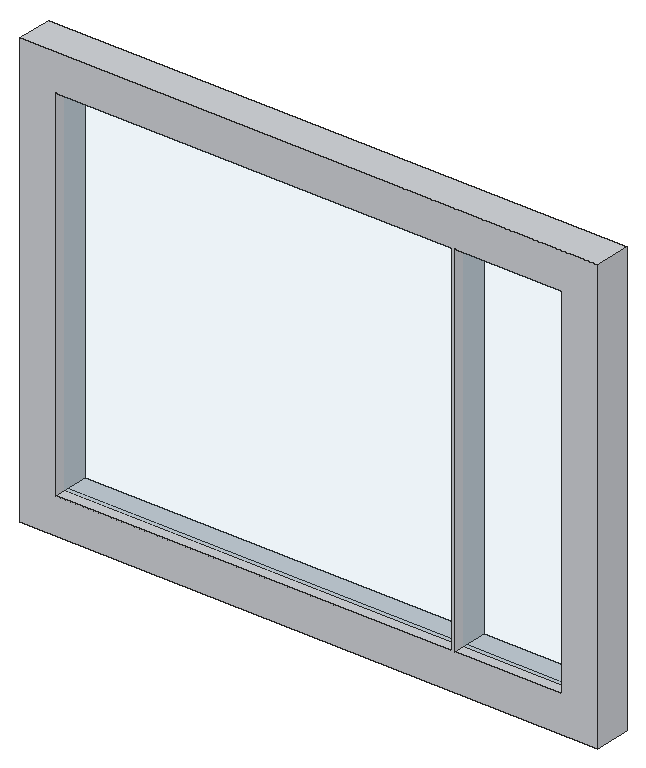
Revit family "PHLS Window - 1 Mullion", category Windows, host Wall, Revit 2018
Family settings
  Host = Wall
  OmniClass Number = 23.30.20.00
  OmniClass Title = Windows
  Always vertical = Yes
  Cut with Voids When Loaded = No
  Shared = No
  Room Calculation Point = No
Parameters
  dOver Base Point [instance] = if(and(Operable Sash Left, Operable Sash Right), Top Frame Width Operable Constraint, if(and(Operable Sash Left, No Operable Sash Right), (Top Frame Width Constraint + Top Frame Width Operable Constraint) / 2, if(and(No Operable Sash Left, Operable Sash Right), (Top Frame Width Constraint + Top Frame Width Operable Constraint) / 2, Top Frame Width Constraint)))  # 125 mm
  hHori Base Point [instance] = if(and(Operable Sash Left, Operable Sash Right), Bottom Frame Width Operable Constraint, if(and(Operable Sash Left, No Operable Sash Right), (Bottom Frame Width Constraint + Bottom Frame Width Operable Constraint) / 2, if(and(No Operable Sash Left, Operable Sash Right), (Bottom Frame Width Constraint + Bottom Frame Width Operable Constraint) / 2, Bottom Frame Width Constraint)))  # 125 mm
  dReveal Position Right Side [instance] = if(Operable Sash Right, Right Frame Width Operable Constraint, Right Frame Width Constraint)  # 125 mm
  dReveal Position Left Side [instance] = if(Operable Sash Left, Left Frame Width Operable Constraint, Left Frame Width Constraint)  # 125 mm
  Transom t2 Width [instance] = 0 mm
  Transom t1 Width [instance] = 0 mm
  Transom t Width [instance] = 0 mm
  Top Frame Width Validated [instance] = if(Top Frame Width < 10 mm, 10 mm, Top Frame Width)  # 125 mm
  Top Frame Width Sash Validated [instance] = if(Top Frame Width Sash < 5 mm, 5 mm, Top Frame Width Sash)  # 85 mm
  Top Frame Width Sash [instance] = 85 mm
  Top Frame Width Operable Validated [instance] = if(Top Frame Width Operable < 10 mm, 10 mm, Top Frame Width Operable)  # 200 mm
  Top Frame Width Operable Constraint [instance] = Top Frame Width Operable Validated  # 200 mm
  Top Frame Width Operable [instance] = 200 mm
  Top Frame Width Constraint Right [instance] = if(Operable Sash Right, Top Frame Width Operable Constraint - Right Top Sash Width Constraint, Top Frame Width Validated)  # 125 mm
  Top Frame Width Constraint Left [instance] = if(Operable Sash Left, Top Frame Width Operable Constraint - Left Top Sash Width Constraint, Top Frame Width Validated)  # 125 mm
  Top Frame Width [instance] = 125 mm
  Threshold Width [instance] = 0 mm
  Sash to Mullion Constraint [instance] = if(or(not(Mullion 1 Width Constraint > 0 mm), Flying Mullion Constraint), 0 mm, Mullion 1 Width Constraint / 2)  # 5 mm
  Sash Frame Width Operable Constraint Adjacent Mullion [instance] = if(Flying Mullion Constraint, if(not(Mullion fm Width > 0 mm), 10 mm, Mullion fm Width / 2), if(and(Operable Sash Left, Operable Sash Right), if(not(Mullion m2 Width > 0 mm), 10 mm, Mullion m2 Width / 3), if(or(and(Operable Sash Left, No Operable Sash Right), and(No Operable Sash Left, Operable Sash Right)), if(not(Mullion m1 Width > 0 mm), 10 mm, Mullion m1 Width / 2), 10 mm)))  # 10 mm
  Sash Depth [instance] = 100 mm
  Right Top Sash Width Constraint [instance] = if(No Operable Sash Right, (if(not(Top Frame Width Validated < Top Frame Width Operable Validated), 5 mm, Top Frame Width Operable Validated - Top Frame Width Validated)), (if(not(Top Frame Width Sash Validated < Top Frame Width Operable Validated), 5 mm, Top Frame Width Sash Validated)))  # 75 mm
  Right Sash Opening Symbol - Top Slide [instance] = no
  Right Sash Opening Symbol - Top Hung [instance] = no
  Right Sash Opening Symbol - Right Slide [instance] = no
  Right Sash Opening Symbol - Right Hung [instance] = no
  Right Sash Opening Symbol - Left Slide [instance] = no
  Right Sash Opening Symbol - Left Hung [instance] = no
  Right Sash Opening Symbol - Bottom Slide [instance] = no
  Right Sash Opening Symbol - Bottom Hung [instance] = no
  Right Frame Width Validated [instance] = if(Right Frame Width < 10 mm, 10 mm, Right Frame Width)  # 125 mm
  Right Frame Width Sash Validated [instance] = if(Right Frame Width Sash < 5 mm, 5 mm, Right Frame Width Sash)  # 85 mm
  Right Sash Width Constraint [instance] = if(not(Right Frame Width Sash Validated < Right Frame Width Operable Validated), 5 mm, Right Frame Width Sash Validated)  # 85 mm
  Right Frame Width Sash [instance] = 85 mm
  Right Frame Width Operable Validated [instance] = if(Right Frame Width Operable < 10 mm, 10 mm, Right Frame Width Operable)  # 200 mm
  Right Frame Width Operable Constraint [instance] = Right Frame Width Operable Validated  # 200 mm
  Right Frame Width Operable [instance] = 200 mm
  Right Frame Width [instance] = 125 mm
  Right Bottom Sash Width Constraint [instance] = if(No Operable Sash Right, (if(not(Bottom Frame Width Validated < Bottom Frame Width Operable Validated), 5 mm, Bottom Frame Width Operable Validated - Bottom Frame Width Validated)), (if(not(Bottom Frame Width Sash Validated < Bottom Frame Width Operable Validated), 5 mm, Bottom Frame Width Sash Validated)))  # 75 mm
  PHPP oReveal Right Side [instance] = 250 mm
  PHPP oReveal Left Side [instance] = 500 mm
  PHPP dReveal Right Side [instance] = 250 mm
  PHPP dReveal Left Side [instance] = 500 mm
  PHPP Window reveal depth [instance] = ((PHPP oReveal Left Side) + (PHPP oReveal Right Side)) / 2  # 375 mm
  PHPP Threshold [instance] = 0 mm
  PHPP Regulated / transparent [instance] = no
  PHPP Reduction factor z for temporary sun protection [instance] = ""
  PHPP Overhang depth [instance] = 1000 mm
  PHPP Mullion length m2 [instance] = if(and(Operable Sash Left, Operable Sash Right, not(Flying Mullion)), Height, 0 mm)  # 0 mm
  PHPP Mullion length m1 [instance] = if(or(and(No Operable Sash Left, Operable Sash Right), and(Operable Sash Left, No Operable Sash Right)), Height, 0 mm)  # 0 mm
  PHPP Mullion length m [instance] = if(and(No Operable Sash Left, No Operable Sash Right), Height, 0 mm)  # 1500 mm
  PHPP Mullion length fm [instance] = if(and(Operable Sash Left, Operable Sash Right, Flying Mullion), Height, 0 mm)  # 0 mm
  PHPP Installation situation top [instance] = "1"
  PHPP Installation situation right [instance] = "1"
  PHPP Installation situation left [instance] = "1"
  PHPP Installation situation bottom [instance] = "1"
  Top Frame Width Constraint [instance] = if(Flying Mullion, (Top Frame Width Operable Validated - Top Frame Width Sash Validated), Top Frame Width Validated)  # 125 mm
  Sash Setback [instance] = 100 mm
  Sash Depth Validated [instance] = if(Sash Depth < 10 mm, 10 mm, Sash Depth)  # 100 mm
  Right Frame Width Constraint [instance] = if(Operable Sash Right, Right Frame Width Operable Constraint - Right Sash Width Constraint, Right Frame Width Validated)  # 125 mm
  PHPP Horizontal distance [instance] = 2000 mm
  PHPP Height of shading object [instance] = 2000 mm
  PHPP Glazing [instance] = ""
  PHPP Frame [instance] = ""
  PHPP Fixed glazing length of outer frame Top [instance] = if(No Sashes, Width, if(and(Operable Sash Right, No Operable Sash Left), Width - Mullion 1 Offset From Right Side Constraint, if(and(Operable Sash Left, No Operable Sash Right), Mullion 1 Offset From Right Side Constraint, 0 mm)))  # 2000 mm
  PHPP Fixed glazing length of outer frame Right [instance] = if(Operable Sash Right, 0 mm, Height)  # 1500 mm
  PHPP Fixed glazing length of outer frame Left [instance] = if(Operable Sash Left, 0 mm, Height)  # 1500 mm
  PHPP Fixed glazing length of outer frame Bottom [instance] = if(not(PHPP Threshold > 0 mm), if(No Sashes, Width, if(and(Operable Sash Right, No Operable Sash Left), Width - Mullion 1 Offset From Right Side Constraint, if(and(Operable Sash Left, No Operable Sash Right), Mullion 1 Offset From Right Side Constraint, 0 mm))), if(PHPP Threshold > 0 mm, if(No Sashes, Width - PHPP Threshold, if(and(Operable Sash Right, No Operable Sash Left), (Width - Mullion 1 Offset From Right Side Constraint) - (PHPP Threshold - Mullion 1 Offset From Right Side Constraint), if(and(Operable Sash Left, No Operable Sash Right), (Mullion 1 Offset From Right Side Constraint) - (PHPP Threshold - Mullion 1 Offset From Right Side Constraint), 0 mm))), 0 mm))  # 2000 mm
  PHPP Distance glazing to reveal [instance] = ((PHPP dReveal Left Side) + (PHPP dReveal Right Side)) / 2  # 375 mm
  PHPP Distance glazing to overhang [instance] = 1000 mm
  PHPP Description [instance] = ""
  PHPP Comfort exemption [instance] = no
  PHPP Additional reduction factor winter shading [instance] = ""
  PHPP Additional reduction factor summer shading [instance] = ""
  PHLS Familiy Object Version = "1.1 - February 2024"
  Operable Sash Right [instance] = no
  Operable Sash Left [instance] = no
  No Sashes [instance] = if(and(No Operable Sash Right, No Operable Sash Left), 2 > 1, 2 < 1)  # yes
  No Operable Sash Right [instance] = not(Operable Sash Right)  # yes
  No Operable Sash Left [instance] = not(Operable Sash Left)  # yes
  No Flying Mullion [instance] = if(and(Flying Mullion, Operable Sash Left, Operable Sash Right), 1 > 2, 1 < 2)  # yes
  Mullion m2 Width [instance] = 0 mm
  Mullion m1 Width [instance] = 0 mm
  Mullion m Width [instance] = 0 mm
  Mullion fm Width [instance] = 0 mm
  Mullion 1 Width Constraint [instance] = if(Flying Mullion Constraint, if(not(Mullion fm Width > 0 mm), 10 mm, Mullion fm Width), if(and(Operable Sash Left, Operable Sash Right), if(not(Mullion m2 Width > 0 mm), 10 mm, Mullion m2 Width / 3), if(or(and(Operable Sash Left, No Operable Sash Right), and(No Operable Sash Left, Operable Sash Right)), if(not(Mullion m1 Width > 0 mm), 10 mm, Mullion m1 Width / 2), if(No Sashes, if(not(Mullion m Width > 0 mm), 10 mm, Mullion m Width), 10 mm))))  # 10 mm
  Mullion 1 Offset From Right Side Constraint [instance] = if(or(not(Mullion 1 Offset From Right Side > 0 mm), Mullion 1 Offset From Right Side > Width - Left Frame Width), Width / 2, Mullion 1 Offset From Right Side)  # 500 mm
  Mullion 1 Offset From Right Side [instance] = 500 mm
  Left Top Sash Width Constraint [instance] = if(No Operable Sash Left, (if(not(Top Frame Width Validated < Top Frame Width Operable Validated), 5 mm, Top Frame Width Operable Validated - Top Frame Width Validated)), (if(not(Top Frame Width Sash Validated < Top Frame Width Operable Validated), 5 mm, Top Frame Width Sash Validated)))  # 75 mm
  Left Bottom Sash Width Constraint [instance] = if(No Operable Sash Left, (if(not(Bottom Frame Width Validated < Bottom Frame Width Operable Validated), 5 mm, Bottom Frame Width Operable Validated - Bottom Frame Width Validated)), (if(not(Bottom Frame Width Sash Validated < Bottom Frame Width Operable Validated), 5 mm, Bottom Frame Width Sash Validated)))  # 75 mm
  Left Sash Opening Symbol - Top Slide [instance] = no
  Left Sash Opening Symbol - Top Hung [instance] = no
  Left Sash Opening Symbol - Right Slide [instance] = no
  Left Sash Opening Symbol - Right Hung [instance] = no
  Left Sash Opening Symbol - Left Slide [instance] = no
  Left Sash Opening Symbol - Left Hung [instance] = no
  Left Sash Opening Symbol - Bottom Slide [instance] = no
  Left Sash Opening Symbol - Bottom Hung [instance] = no
  Left Frame Width Validated [instance] = if(Left Frame Width < 10 mm, 10 mm, Left Frame Width)  # 125 mm
  Left Frame Width Sash Validated [instance] = if(Left Frame Width Sash < 5 mm, 5 mm, Left Frame Width Sash)  # 85 mm
  Left Sash Width Constraint [instance] = if(not(Left Frame Width Sash Validated < Left Frame Width Operable Validated), 5 mm, Left Frame Width Sash Validated)  # 85 mm
  Left Frame Width Sash [instance] = 85 mm
  Left Frame Width Operable Validated [instance] = if(Left Frame Width Operable < 10 mm, 10 mm, Left Frame Width Operable)  # 200 mm
  Left Frame Width Operable Constraint [instance] = Left Frame Width Operable Validated  # 200 mm
  Left Frame Width Operable [instance] = 200 mm
  Left Frame Width Constraint [instance] = if(Operable Sash Left, Left Frame Width Operable Constraint - Left Sash Width Constraint, Left Frame Width Validated)  # 125 mm
  Left Frame Width [instance] = 125 mm
  Height [instance] = 1500 mm
  Glass Thickness [instance] = 14.974 mm
  Glass Setback Constraint [instance] = if(or(No Operable Sash Left, No Operable Sash Right), Glass Setback Case No Sashes, Glass Setback Case Sashes)  # 125 mm
  Glass Setback Case Sashes [instance] = if(and(or(Operable Sash Left, Operable Sash Right), Glass Setback < Sash Setback), Sash Setback, if(and(or(Operable Sash Left, Operable Sash Right), Glass Setback > Sash Setback + Sash Depth Validated), Sash Setback + Sash Depth Validated - Glass Thickness, Glass Setback))  # 125 mm
  Glass Setback Case No Sashes [instance] = if(and(or(No Operable Sash Left, No Operable Sash Right), Glass Setback < Frame Setback), Frame Setback, if(and(or(No Operable Sash Left, No Operable Sash Right), Glass Setback > Frame Setback + Frame Depth), Frame Setback + Frame Depth - Glass Thickness, Glass Setback))  # 125 mm
  Glass Setback [instance] = 125 mm
  Glass Material [instance] = Glass
  Frame Setback [instance] = 50 mm
  Frame Material [instance] = none
  Frame Depth [instance] = 125 mm
  Flying Mullion Constraint [instance] = if(and(Flying Mullion, Operable Sash Left, Operable Sash Right), 2 > 1, 2 < 1)  # no
  Flying Mullion [instance] = no
  Default Sill Height = 800 mm
  Wall Closure = By host
  Width [instance] = 2000 mm
  Bottom Frame Width Validated [instance] = if(Bottom Frame Width < 10 mm, 10 mm, Bottom Frame Width)  # 125 mm
  Bottom Frame Width Sash Validated [instance] = if(Bottom Frame Width Sash < 5 mm, 5 mm, Bottom Frame Width Sash)  # 85 mm
  Bottom Frame Width Sash [instance] = 85 mm
  Bottom Frame Width Operable Validated [instance] = if(Bottom Frame Width Operable < 10 mm, 10 mm, Bottom Frame Width Operable)  # 200 mm
  Bottom Frame Width Operable Constraint [instance] = Bottom Frame Width Operable Validated  # 200 mm
  Bottom Frame Width Operable [instance] = 200 mm
  Bottom Frame Width Constraint Right [instance] = if(Operable Sash Right, Bottom Frame Width Operable Constraint - Right Bottom Sash Width Constraint, Bottom Frame Width Validated)  # 125 mm
  Bottom Frame Width Constraint Left [instance] = if(Operable Sash Left, Bottom Frame Width Operable Constraint - Left Bottom Sash Width Constraint, Bottom Frame Width Validated)  # 125 mm
  Bottom Frame Width Constraint [instance] = if(Flying Mullion, (Bottom Frame Width Operable Validated - Bottom Frame Width Sash Validated), Bottom Frame Width Validated)  # 125 mm
  Shading Guides and Labels Visible [instance] = yes
  Bottom Frame Width [instance] = 125 mm
  Analytic Construction = "<None>"
Reference planes
  plane 1 "Center (Front/Back)": y = 0
  plane 2 "Center (Left/Right)": x = 0
  plane 3 "Left": x = -1000
  plane 4 "Right": x = 1000
  plane 5 "Sill": z = 800
  plane 6 "Head": z = 2300
  plane 7 "Exterior": y = 100
  plane 8 "Interior": y = -100
  plane 9 "Left Frame Width Fixed": x = -875
  plane 10 "Right Fixed Frame Overall": x = 875
  plane 11 "Top Frame Width Fixed": z = 2175
  plane 12 "Bottom Frame Width Fixed": z = 925
  plane 13 "Frame Setback": y = 50
  plane 14 "Frame Depth": y = -75
  plane 15 "Glass Setback": y = -25
  plane 16 "Left Frame Width Operable": x = -800
  plane 17 "Right Frame Width Operable": x = 800
  plane 18 "Top Frame Width Operable": z = 2100
  plane 19 "Bottom Frame Width Operable": z = 1000
  plane 20 "Sash Setback": y = 0
  plane 21 "Sash Depth": y = -100
  plane 22 "Glass Thickness": y = -39.974
  plane 23 "Height of Horizontal Shading": z = 2925
  plane 24 "Distance to Horizontal Shading": y = 1975
  plane 25 "Right Frame to Wall Opening": x = 1000
  plane 26 "Left Frame to Wall Opening": x = -1000
  plane 27 "Top Frame to Wall Opening": z = 2300
  plane 28 "Bottom Frame to Wall Opening": z = 800
  plane 29 "oReveal Left": y = 475
  plane 30 "oReveal Right": y = 225
  plane 31 "dReveal Left": x = -1375
  plane 32 "dReveal Right": x = 1125
  plane 33 "Distance to Overhang": y = 975
  plane 34 "Height of Overhang": z = 3175
  plane 35 "Center (Top/Bottom)": z = 1550
  plane 36 "Mullion 1 Centerline": x = 500
  plane 37 "Mullion 1 Width Left Side": x = 495
  plane 38 "Mullion 1 Width Right Side": x = 505
  plane 39 "Right Sash Left Frame Operable": x = 515
  plane 40 "Left Sash Right Frame Operable": x = 485
  plane 41 "Right Sash to Mullion": x = 505
  plane 42 "Left Sash to Mullion": x = 495
  plane 43 "Right Sash Centerline": x = 690
  plane 44 "Left Sash Centerline": x = -190
  plane 45 "Sash Setback Right": x = 885
  plane 46 "Sash Setback Left": x = -885
  plane 47 "Left Top Sash Width Constraint": z = 2175
  plane 48 "Right Top Sash Width Constraint": z = 2175
  plane 49 "Left Bottom Sash Width Constraint": z = 925
  plane 50 "Right Bottom Sash Width Constraint": z = 925
  plane 51 "Right Frame Width Fixed": x = 875
  plane 52 "Bottom Frame Width Fixed Left": z = 925
  plane 53 "Bottom Frame Width Fixed Right": z = 925
  plane 54 "Top Frame Width Fixed Right": z = 2175
  plane 55 "Top Frame Width Fixed Left": z = 2175
  plane 56 "dReveal Left Side": x = -875
  plane 57 "dReveal Right Side": x = 875
  plane 58 "hHori Base Point": z = 925
  plane 59 "dOver Base Point": z = 2175
Forms (mm)
  Extrusion 1, solid, material <- "Frame Material", visible <- "No Flying Mullion"
    sketch origin (0, 0, 0) x (1, 0, 0) y (0, 1, 0)
      loop
        line (-1000, 50) -> (-1000, -75) -> (-875, -75) -> (-875, 50) -> (-1000, 50)
    from 800 to 2300
  Extrusion 2, solid, material <- "Frame Material", visible <- "No Flying Mullion"
    sketch origin (240, 0, 0) x (1, 0, 0) y (0, 1, 0)
      loop
        line (635, 50) -> (635, -75) -> (760, -75) -> (760, 50) -> (635, 50)
    from 800 to 2300
  Extrusion 3, solid, material <- "Frame Material", visible <- "No Flying Mullion"
    sketch origin (-1000, 0, 0) x (0, -1, 0) y (0, 0, 1)
      loop
        line (-50, 2300) -> (-50, 2175) -> (75, 2175) -> (75, 2300) -> (-50, 2300)
    from -2000 to -1505
  Extrusion 4, solid, material <- "Frame Material", visible <- "No Flying Mullion"
    sketch origin (-1000, 0, 0) x (0, -1, 0) y (0, 0, 1)
      loop
        line (-50, 925) -> (-50, 800) -> (75, 800) -> (75, 925) -> (-50, 925)
    from -2000 to -1505
  Extrusion 5, solid, material <- "Frame Material", visible <- "Operable Sash Right"
    sketch origin (-1000, 0, 0) x (0, -1, 0) y (0, 0, 1)
      loop
        line (0, 2100) -> (100, 2100) -> (100, 2175) -> (0, 2175) -> (0, 2100)
    from -1885 to -1505
  Extrusion 6, solid, material <- "Frame Material", visible <- "Operable Sash Right"
    sketch origin (-1000, 0, -1160) x (0, -1, 0) y (0, 0, 1)
      loop
        line (0, 2085) -> (100, 2085) -> (100, 2160) -> (0, 2160) -> (0, 2085)
    from -1885 to -1505
  Extrusion 7, solid, material "Glass" <- "Glass Material", visible <- "No Operable Sash Right"
    sketch origin (0, 100, 0) x (1, 0, 0) y (0, 0, 1)
      loop
        line (875, 2175) -> (505, 2175) -> (505, 925) -> (875, 925) -> (875, 2175)
    from 125 to 139.974
  Extrusion 8, solid, material <- "Frame Material", visible <- "Operable Sash Left"
    sketch origin (0, 0, 0) x (1, 0, 0) y (0, 1, 0)
      loop
        line (-885, 0) -> (-885, -100) -> (-800, -100) -> (-800, 0) -> (-885, 0)
    from 925 to 2175
  Extrusion 9, solid, material <- "Frame Material", visible <- "Operable Sash Right"
    sketch origin (240, 0, 0) x (1, 0, 0) y (0, 1, 0)
      loop
        line (560, 0) -> (560, -100) -> (645, -100) -> (645, 0) -> (560, 0)
    from 925 to 2175
  Extrusion 10, solid, material <- "Frame Material", visible <- "Operable Sash Left"
    sketch origin (-1000, 0, 0) x (0, -1, 0) y (0, 0, 1)
      loop
        line (0, 2175) -> (0, 2100) -> (100, 2100) -> (100, 2175) -> (0, 2175)
    from -1495 to -115
  Extrusion 11, solid, material <- "Frame Material", visible <- "Operable Sash Left"
    sketch origin (-1000, 0, 0) x (0, -1, 0) y (0, 0, 1)
      loop
        line (0, 1000) -> (0, 925) -> (100, 925) -> (100, 1000) -> (0, 1000)
    from -1495 to -115
  Extrusion 12, solid, material <- "Frame Material", visible <- "Operable Sash Right"
    sketch origin (1560, 0, 0) x (1, 0, 0) y (0, 1, 0)
      loop
        line (-1045, 0) -> (-1055, 0) -> (-1055, -100) -> (-1045, -100) -> (-1045, 0)
    from 925 to 2175
  Extrusion 13, solid, material "Glass" <- "Glass Material", visible <- "No Operable Sash Left"
    sketch origin (0, 100, 0) x (1, 0, 0) y (0, 0, 1)
      loop
        line (495, 2175) -> (-875, 2175) -> (-875, 925) -> (495, 925) -> (495, 2175)
    from 125 to 139.974
  Extrusion 14, solid, material <- "Frame Material", visible <- "No Flying Mullion"
    sketch origin (-560, 0, 0) x (1, 0, 0) y (0, 1, 0)
      loop
        line (1055, 50) -> (1055, -75) -> (1065, -75) -> (1065, 50) -> (1055, 50)
    from 800 to 2300
  Extrusion 15, solid, material "Glass" <- "Glass Material", visible <- "Operable Sash Left"
    sketch origin (0, 100, 0) x (1, 0, 0) y (0, 0, 1)
      loop
        line (485, 2100) -> (-800, 2100) -> (-800, 1000) -> (485, 1000) -> (485, 2100)
    from 125 to 139.974
  Extrusion 16, solid, material <- "Frame Material", visible <- "Operable Sash Left"
    sketch origin (240, 0, 0) x (1, 0, 0) y (0, 1, 0)
      loop
        line (255, 0) -> (245, 0) -> (245, -100) -> (255, -100) -> (255, 0)
    from 925 to 2175
  Extrusion 17, solid, material "Glass" <- "Glass Material", visible <- "Operable Sash Right"
    sketch origin (0, 100, 0) x (1, 0, 0) y (0, 0, 1)
      loop
        line (800, 2100) -> (515, 2100) -> (515, 1000) -> (800, 1000) -> (800, 2100)
    from 125 to 139.974
  Extrusion 18, solid, material <- "Frame Material", visible <- "Flying Mullion Constraint"
    sketch origin (0, 0, 0) x (1, 0, 0) y (0, 1, 0)
      loop
        line (-1000, 50) -> (-1000, -75) -> (-875, -75) -> (-875, 50) -> (-1000, 50)
    from 800 to 2300
  Extrusion 19, solid, material <- "Frame Material", visible <- "Flying Mullion Constraint"
    sketch origin (240, 0, 0) x (1, 0, 0) y (0, 1, 0)
      loop
        line (635, 50) -> (635, -75) -> (760, -75) -> (760, 50) -> (635, 50)
    from 800 to 2300
  Extrusion 20, solid, material <- "Frame Material", visible <- "Flying Mullion Constraint"
    sketch origin (-1000, 0, 0) x (0, -1, 0) y (0, 0, 1)
      loop
        line (-50, 2300) -> (-50, 2175) -> (75, 2175) -> (75, 2300) -> (-50, 2300)
    from -2000 to 0
  Extrusion 21, solid, material <- "Frame Material", visible <- "Flying Mullion Constraint"
    sketch origin (-1000, 0, 0) x (0, -1, 0) y (0, 0, 1)
      loop
        line (-50, 925) -> (-50, 800) -> (75, 800) -> (75, 925) -> (-50, 925)
    from -2000 to 0
  Extrusion 22, solid, material <- "Frame Material", visible <- "No Flying Mullion"
    sketch origin (1000, 0, 0) x (0, -1, 0) y (0, 0, -1)
      loop
        line (-50, -2300) -> (75, -2300) -> (75, -2175) -> (-50, -2175) -> (-50, -2300)
    from -2000 to -505
  Extrusion 23, solid, material <- "Frame Material", visible <- "No Flying Mullion"
    sketch origin (1000, 0, 0) x (0, -1, 0) y (0, 0, -1)
      loop
        line (-50, -925) -> (75, -925) -> (75, -800) -> (-50, -800) -> (-50, -925)
    from -2000 to -505
Cuts and joins
  joined: Extrusion 1, Extrusion 2, Extrusion 3, Extrusion 4, Extrusion 14, Extrusion 22, Extrusion 23
  joined: Extrusion 8, Extrusion 10, Extrusion 11, Extrusion 16
  joined: Extrusion 5, Extrusion 6, Extrusion 9, Extrusion 12
  joined: Extrusion 18, Extrusion 19, Extrusion 20, Extrusion 21
Lines and regions (mm)
  Opening 1
    outline origin (3500, -100, 0) x (1, 0, 0) y (0, 0, 1)
      loop
        line (-2500, 800) -> (-2500, 2300) -> (-4500, 2300) -> (-4500, 800) -> (-2500, 800)
  symbolic lines, style "WindowsHiddenLines", visible <- "Shading Guides and Labels Visible"
    curve 1: line (-1000, 1975, 0) -> (1000, 1975, 0)
    curve 2: line (1000, 100, 2925) -> (-1000, 100, 2925)
    curve 3: line (-1000, 2475, 2925) -> (-1000, 1875, 2925)
    curve 4: line (-1000, 1975, 925) -> (-1000, 1975, 3025)
    curve 5: line (-1875, 475, 0) -> (-1275, 475, 0)
    curve 6: line (1625, 225, 0) -> (1025, 225, 0)
    curve 7: line (-1375, -25, 0) -> (-1375, 575, 0)
    curve 8: line (1125, -25, 0) -> (1125, 325, 0)
    curve 9: line (-1000, 1075, 3175) -> (-1000, -25, 3175)
    curve 10: line (-1000, 975, 3075) -> (-1000, 975, 3675)
    curve 11: line (-1000, 975, 0) -> (1000, 975, 0)
    curve 12: line (1000, 100, 3175) -> (-1000, 100, 3175)
    curve 13: line (1125, 100, 925) -> (1125, 100, 2175)
    curve 14: line (-1375, 100, 2175) -> (-1375, 100, 925)
    curve 15: line (-1000, 475, 925) -> (-1000, 475, 2175)
    curve 16: line (-1000, 225, 925) -> (-1000, 225, 2175)
  symbolic lines, style "WindowsHiddenLines", visible <- "Left Sash Opening Symbol - Left Hung"
    curve 17: line (495, 100, 2175) -> (-875, 100, 1550)
    curve 18: line (495, 100, 925) -> (-875, 100, 1550)
  symbolic lines, style "WindowsHiddenLines", visible <- "Left Sash Opening Symbol - Right Hung"
    curve 19: line (-875, 100, 2175) -> (495, 100, 1550)
    curve 20: line (-875, 100, 925) -> (495, 100, 1550)
  symbolic lines, style "WindowsHiddenLines", visible <- "Left Sash Opening Symbol - Top Hung"
    curve 21: line (495, 100, 2175) -> (-190, 100, 925)
    curve 22: line (-190, 100, 925) -> (-875, 100, 2175)
  symbolic lines, style "WindowsHiddenLines", visible <- "Left Sash Opening Symbol - Bottom Hung"
    curve 23: line (495, 100, 925) -> (-190, 100, 2175)
    curve 24: line (-190, 100, 2175) -> (-875, 100, 925)
  symbolic lines, style "WindowsHiddenLines", visible <- "Right Sash Opening Symbol - Top Hung"
    curve 25: line (875, 100, 2175) -> (690, 100, 925)
    curve 26: line (690, 100, 925) -> (505, 100, 2175)
  symbolic lines, style "WindowsHiddenLines", visible <- "Right Sash Opening Symbol - Bottom Hung"
    curve 27: line (875, 100, 925) -> (690, 100, 2175)
    curve 28: line (690, 100, 2175) -> (505, 100, 925)
  symbolic lines, style "WindowsHiddenLines", visible <- "Right Sash Opening Symbol - Left Hung"
    curve 29: line (875, 100, 2175) -> (505, 100, 1550)
    curve 30: line (505, 100, 1550) -> (875, 100, 925)
  symbolic lines, style "WindowsHiddenLines", visible <- "Right Sash Opening Symbol - Right Hung"
    curve 31: line (505, 100, 2175) -> (875, 100, 1550)
    curve 32: line (875, 100, 1550) -> (505, 100, 925)
  symbolic lines, style "WindowsFrameMullionProjection", visible <- "Operable Sash Left"
    curve 33: line (-800, -100, 0) -> (-800, 0, 0)
    curve 35: line (485, -100, 0) -> (485, 0, 0)
  symbolic lines, style "WindowsFrameMullionProjection", visible <- "Operable Sash Right"
    curve 34: line (800, -100, 0) -> (800, 0, 0)
    curve 36: line (515, -100, 0) -> (515, 0, 0)
Text (mm)
  text "EXTERIOR" at (-1963.203, 1332.353, 0), in view "Ref. Level"
  text "INTERIOR" at (-1981.466, -818.386, 0), in view "Ref. Level"
  text "Exterior" at (0, 923.751, 2943.296), in view "Right"
  text "Exterior" at (0, 1040.484, 2685.409), in view "Left"
Dimensions and locks
  equal spacing: plane 3 "Left", plane 2 "Center (Left/Right)", plane 4 "Right"
  "Width": plane 3 "Left" to plane 4 "Right"
  "Height": plane 5 "Sill" to plane 6 "Head"
  "Default Sill Height": plane 5 "Sill" to level
  locked: plane 7 "Exterior" to host wall at 0
  locked: plane 8 "Interior" to host wall
  "Left Frame Width Constraint": plane 26 "Left Frame to Wall Opening" to plane 9 "Left Frame Width Fixed"
  "Right Frame Width Constraint": plane 10 "Right Fixed Frame Overall" to plane 25 "Right Frame to Wall Opening"
  "Bottom Frame Width Constraint": plane 28 "Bottom Frame to Wall Opening" to plane 12 "Bottom Frame Width Fixed"
  "Glass Setback Constraint": plane 15 "Glass Setback" to plane 7 "Exterior"
  "Frame Setback": plane 13 "Frame Setback" to plane 7 "Exterior"
  "Frame Depth": plane 13 "Frame Setback" to plane 14 "Frame Depth"
  "Right Frame Width Operable Constraint": plane 17 "Right Frame Width Operable" to plane 4 "Right"
  "Left Frame Width Operable Constraint": plane 3 "Left" to plane 16 "Left Frame Width Operable"
  "Sash Setback": plane 20 "Sash Setback" to plane 7 "Exterior"
  "Sash Depth Validated": plane 20 "Sash Setback" to plane 21 "Sash Depth"
  "Glass Thickness": plane 15 "Glass Setback" to plane 22 "Glass Thickness"
  "PHPP Horizontal distance": plane 24 "Distance to Horizontal Shading" to plane 15 "Glass Setback"
  "PHPP Height of shading object": plane 58 "hHori Base Point" to plane 23 "Height of Horizontal Shading"
  "Top Frame Width Constraint": plane 11 "Top Frame Width Fixed" to plane 27 "Top Frame to Wall Opening"
  locked: curve 3 to plane 24 "Distance to Horizontal Shading" at 500
  "PHPP oReveal Left Side": plane 29 "oReveal Left" to plane 15 "Glass Setback"
  "PHPP oReveal Right Side": plane 30 "oReveal Right" to plane 15 "Glass Setback"
  "PHPP dReveal Left Side": plane 31 "dReveal Left" to plane 56 "dReveal Left Side"
  locked: curve 5 to plane 31 "dReveal Left" at 500
  curve 7 to plane 29 "oReveal Left" = 100 mm
  locked: plane 29 "oReveal Left" to nested 4 at 250
  locked: curve 8 to plane 30 "oReveal Right" at 100
  locked: plane 32 "dReveal Right" to curve 6 at 500
  locked: plane 30 "oReveal Right" to nested 5 at 249.713
  "PHPP dReveal Right Side": plane 57 "dReveal Right Side" to plane 32 "dReveal Right"
  locked: plane 31 "dReveal Left" to curve 5 at 100
  "PHPP Overhang depth": plane 33 "Distance to Overhang" to plane 15 "Glass Setback"
  "PHPP Distance glazing to overhang": plane 59 "dOver Base Point" to plane 34 "Height of Overhang"
  curve 9 to plane 33 "Distance to Overhang" to nested 11 = 100 mm locked, 150 mm locked
  locked: curve 4 to plane 23 "Height of Horizontal Shading" at 100
  equal spacing: plane 5 "Sill", plane 35 "Center (Top/Bottom)", plane 6 "Head"
  locked: nested 7 to plane 31 "dReveal Left" at 50
  locked: nested 2 to plane 31 "dReveal Left" at 250
  locked: curve 6 to plane 32 "dReveal Right" at 100
  locked: plane 32 "dReveal Right" to nested 3 at 250
  locked: nested 13 to plane 24 "Distance to Horizontal Shading" at 150
  locked: plane 23 "Height of Horizontal Shading" to nested 12 at 150
  locked: plane 24 "Distance to Horizontal Shading" to curve 3 at 100
  locked: curve 10 to plane 34 "Height of Overhang" at 500
  locked: plane 34 "Height of Overhang" to curve 10 at 100
  locked: nested 9 to plane 34 "Height of Overhang" at 150
  "Mullion 1 Offset From Right Side Constraint": plane 36 "Mullion 1 Centerline" to plane 4 "Right"
  equal spacing: plane 37 "Mullion 1 Width Left Side", plane 36 "Mullion 1 Centerline", plane 38 "Mullion 1 Width Right Side"
  "Mullion 1 Width Constraint": plane 37 "Mullion 1 Width Left Side" to plane 38 "Mullion 1 Width Right Side"
  "Top Frame Width Operable Constraint": plane 18 "Top Frame Width Operable" to plane 6 "Head"
  "Bottom Frame Width Operable Constraint": plane 5 "Sill" to plane 19 "Bottom Frame Width Operable"
  "Sash to Mullion Constraint": plane 42 "Left Sash to Mullion" to plane 36 "Mullion 1 Centerline"
  "Sash to Mullion Constraint": plane 36 "Mullion 1 Centerline" to plane 41 "Right Sash to Mullion"
  "Sash Frame Width Operable Constraint Adjacent Mullion": plane 41 "Right Sash to Mullion" to plane 39 "Right Sash Left Frame Operable"
  "Sash Frame Width Operable Constraint Adjacent Mullion": plane 40 "Left Sash Right Frame Operable" to plane 42 "Left Sash to Mullion"
  equal spacing: plane 41 "Right Sash to Mullion", plane 43 "Right Sash Centerline", plane 10 "Right Fixed Frame Overall"
  equal spacing: plane 9 "Left Frame Width Fixed", plane 44 "Left Sash Centerline", plane 42 "Left Sash to Mullion"
  plane 11 "Top Frame Width Fixed" to Extrusion 20 sketch curve = 0 mm
  plane 10 "Right Fixed Frame Overall" to plane 51 "Right Frame Width Fixed" = 0 mm
  "Left Sash Width Constraint": plane 46 "Sash Setback Left" to plane 16 "Left Frame Width Operable"
  "Right Sash Width Constraint": plane 17 "Right Frame Width Operable" to plane 45 "Sash Setback Right"
  "Left Bottom Sash Width Constraint": plane 49 "Left Bottom Sash Width Constraint" to plane 19 "Bottom Frame Width Operable"
  "Left Top Sash Width Constraint": plane 18 "Top Frame Width Operable" to plane 47 "Left Top Sash Width Constraint"
  "Right Bottom Sash Width Constraint": plane 50 "Right Bottom Sash Width Constraint" to plane 19 "Bottom Frame Width Operable"
  "Right Top Sash Width Constraint": plane 18 "Top Frame Width Operable" to plane 48 "Right Top Sash Width Constraint"
  "Bottom Frame Width Constraint Right": plane 28 "Bottom Frame to Wall Opening" to plane 53 "Bottom Frame Width Fixed Right"
  "Bottom Frame Width Constraint Left": plane 28 "Bottom Frame to Wall Opening" to plane 52 "Bottom Frame Width Fixed Left"
  "Top Frame Width Constraint Right": plane 54 "Top Frame Width Fixed Right" to plane 27 "Top Frame to Wall Opening"
  "Top Frame Width Constraint Left": plane 55 "Top Frame Width Fixed Left" to plane 27 "Top Frame to Wall Opening"
  "dReveal Position Left Side": plane 26 "Left Frame to Wall Opening" to plane 56 "dReveal Left Side"
  "dReveal Position Right Side": plane 57 "dReveal Right Side" to plane 25 "Right Frame to Wall Opening"
  "hHori Base Point": plane 28 "Bottom Frame to Wall Opening" to plane 58 "hHori Base Point"
  "dOver Base Point": plane 27 "Top Frame to Wall Opening" to plane 59 "dOver Base Point"
  aligned and locked: Extrusion 1 sketch curve to plane 13 "Frame Setback"
  aligned and locked: plane 5 "Sill" to Extrusion 1
  aligned and locked: Extrusion 1 to plane 6 "Head"
  aligned and locked: Extrusion 2 to plane 6 "Head"
  aligned and locked: plane 5 "Sill" to Extrusion 2
  aligned and locked: Extrusion 3 sketch curve to plane 13 "Frame Setback"
  aligned and locked: plane 14 "Frame Depth" to Extrusion 3 sketch curve
  aligned and locked: plane 14 "Frame Depth" to Extrusion 4 sketch curve
  aligned and locked: Extrusion 4 sketch curve to plane 13 "Frame Setback"
  aligned and locked: plane 18 "Top Frame Width Operable" to Extrusion 5 sketch curve
  aligned and locked: plane 21 "Sash Depth" to Extrusion 5 sketch curve
  aligned and locked: Extrusion 5 sketch curve to plane 20 "Sash Setback"
  aligned and locked: Extrusion 6 sketch curve to plane 20 "Sash Setback"
  aligned and locked: plane 21 "Sash Depth" to Extrusion 6 sketch curve
  aligned and locked: Extrusion 6 sketch curve to plane 19 "Bottom Frame Width Operable"
  aligned and locked: plane 11 "Top Frame Width Fixed" to Extrusion 7 sketch curve
  aligned and locked: plane 10 "Right Fixed Frame Overall" to Extrusion 7 sketch curve
  aligned and locked: Extrusion 7 sketch curve to plane 12 "Bottom Frame Width Fixed"
  aligned and locked: plane 15 "Glass Setback" to Extrusion 7
  aligned and locked: Extrusion 7 to plane 22 "Glass Thickness"
  aligned and locked: plane 19 "Bottom Frame Width Operable" to Extrusion 11 sketch curve
  aligned and locked: Extrusion 10 sketch curve to plane 18 "Top Frame Width Operable"
  aligned and locked: Extrusion 9 sketch curve to plane 17 "Right Frame Width Operable"
  aligned and locked: plane 16 "Left Frame Width Operable" to Extrusion 8 sketch curve
  aligned and locked: Extrusion 2 sketch curve to plane 14 "Frame Depth"
  aligned and locked: plane 13 "Frame Setback" to Extrusion 2 sketch curve
  aligned and locked: plane 14 "Frame Depth" to Extrusion 1 sketch curve
  aligned and locked: plane 25 "Right Frame to Wall Opening" to Extrusion 2 sketch curve
  aligned and locked: plane 4 "Right" to plane 25 "Right Frame to Wall Opening"
  aligned and locked: plane 3 "Left" to plane 26 "Left Frame to Wall Opening"
  aligned and locked: Extrusion 1 sketch curve to plane 26 "Left Frame to Wall Opening"
  aligned and locked: curve 1 to plane 24 "Distance to Horizontal Shading"
  aligned and locked: curve 1 to plane 4 "Right"
  aligned and locked: plane 3 "Left" to curve 2
  aligned and locked: plane 4 "Right" to curve 2
  aligned and locked: curve 2 to plane 23 "Height of Horizontal Shading"
  aligned and locked: curve 4 to plane 24 "Distance to Horizontal Shading"
  aligned and locked: plane 2 "Center (Left/Right)" to nested 1
  aligned and locked: plane 27 "Top Frame to Wall Opening" to plane 6 "Head"
  aligned and locked: plane 28 "Bottom Frame to Wall Opening" to plane 5 "Sill"
  aligned and locked: plane 28 "Bottom Frame to Wall Opening" to Extrusion 4 sketch curve
  aligned and locked: Extrusion 3 sketch curve to plane 27 "Top Frame to Wall Opening"
  aligned and locked: curve 5 to plane 29 "oReveal Left"
  aligned and locked: curve 6 to plane 30 "oReveal Right"
  aligned and locked: plane 30 "oReveal Right" to nested 3
  aligned and locked: curve 7 to plane 31 "dReveal Left"
  aligned and locked: nested 4 to plane 31 "dReveal Left"
  aligned and locked: curve 8 to plane 32 "dReveal Right"
  aligned and locked: plane 32 "dReveal Right" to nested 5
  aligned and locked: nested 2 to plane 29 "oReveal Left"
  aligned and locked: plane 15 "Glass Setback" to curve 7
  aligned and locked: curve 8 to plane 15 "Glass Setback"
  aligned and locked: curve 9 to plane 34 "Height of Overhang"
  aligned and locked: curve 9 to plane 15 "Glass Setback"
  aligned and locked: curve 10 to plane 33 "Distance to Overhang"
  aligned and locked: curve 4 to plane 12 "Bottom Frame Width Fixed"
  aligned and locked: curve 3 to plane 23 "Height of Horizontal Shading"
  aligned and locked: plane 2 "Center (Left/Right)" to nested 6
  aligned and locked: nested 6 to plane 33 "Distance to Overhang"
  aligned and locked: curve 11 to plane 3 "Left"
  aligned and locked: curve 11 to plane 4 "Right"
  aligned and locked: curve 11 to plane 33 "Distance to Overhang"
  aligned and locked: plane 4 "Right" to curve 12
  aligned and locked: plane 3 "Left" to curve 12
  aligned and locked: curve 12 to plane 34 "Height of Overhang"
  aligned and locked: plane 12 "Bottom Frame Width Fixed" to curve 13
  aligned and locked: plane 11 "Top Frame Width Fixed" to curve 13
  aligned and locked: curve 13 to plane 32 "dReveal Right"
  aligned and locked: plane 32 "dReveal Right" to nested 8
  aligned and locked: nested 8 to plane 35 "Center (Top/Bottom)"
  aligned and locked: nested 7 to plane 35 "Center (Top/Bottom)"
  aligned and locked: plane 34 "Height of Overhang" to nested 10
  aligned and locked: nested 10 to plane 2 "Center (Left/Right)"
  aligned and locked: plane 33 "Distance to Overhang" to nested 9
  aligned and locked: nested 11 to plane 34 "Height of Overhang"
  aligned and locked: nested 12 to plane 24 "Distance to Horizontal Shading"
  aligned and locked: nested 14 to plane 2 "Center (Left/Right)"
  aligned and locked: plane 23 "Height of Horizontal Shading" to nested 14
  aligned and locked: nested 13 to plane 23 "Height of Horizontal Shading"
  aligned and locked: plane 12 "Bottom Frame Width Fixed" to curve 14
  aligned and locked: curve 14 to plane 31 "dReveal Left"
  aligned and locked: curve 16 to plane 30 "oReveal Right"
  aligned and locked: nested 15 to plane 30 "oReveal Right"
  aligned and locked: curve 15 to plane 29 "oReveal Left"
  aligned and locked: nested 16 to plane 29 "oReveal Left"
  aligned and locked: plane 35 "Center (Top/Bottom)" to nested 15
  aligned and locked: plane 35 "Center (Top/Bottom)" to nested 16
  aligned and locked: plane 11 "Top Frame Width Fixed" to curve 16
  aligned and locked: plane 11 "Top Frame Width Fixed" to curve 15
  aligned and locked: plane 12 "Bottom Frame Width Fixed" to curve 16
  aligned and locked: plane 12 "Bottom Frame Width Fixed" to curve 15
  aligned and locked: plane 35 "Center (Top/Bottom)" to curve 20
  aligned and locked: plane 35 "Center (Top/Bottom)" to nested 17
  aligned and locked: nested 18 to plane 35 "Center (Top/Bottom)"
  aligned and locked: nested 19 to plane 35 "Center (Top/Bottom)"
  aligned and locked: plane 35 "Center (Top/Bottom)" to nested 20
  aligned and locked: nested 1 to plane 24 "Distance to Horizontal Shading"
  aligned and locked: Extrusion 12 sketch curve to plane 21 "Sash Depth"
  aligned and locked: plane 20 "Sash Setback" to Extrusion 12 sketch curve
  aligned and locked: plane 11 "Top Frame Width Fixed" to Extrusion 13 sketch curve
  aligned and locked: Extrusion 13 sketch curve to plane 12 "Bottom Frame Width Fixed"
  aligned and locked: Extrusion 13 sketch curve to plane 9 "Left Frame Width Fixed"
  aligned and locked: plane 15 "Glass Setback" to Extrusion 13
  aligned and locked: Extrusion 13 to plane 22 "Glass Thickness"
  aligned and locked: Extrusion 14 sketch curve to plane 13 "Frame Setback"
  aligned and locked: plane 14 "Frame Depth" to Extrusion 14 sketch curve
  aligned and locked: plane 38 "Mullion 1 Width Right Side" to Extrusion 14 sketch curve
  aligned and locked: Extrusion 14 sketch curve to plane 37 "Mullion 1 Width Left Side"
  aligned and locked: plane 27 "Top Frame to Wall Opening" to Extrusion 14
  aligned and locked: Extrusion 14 to plane 28 "Bottom Frame to Wall Opening"
  aligned and locked: Extrusion 12 sketch curve to plane 39 "Right Sash Left Frame Operable"
  aligned and locked: plane 37 "Mullion 1 Width Left Side" to Extrusion 13 sketch curve
  aligned and locked: Extrusion 7 sketch curve to plane 38 "Mullion 1 Width Right Side"
  aligned and locked: plane 40 "Left Sash Right Frame Operable" to Extrusion 15 sketch curve
  aligned and locked: plane 15 "Glass Setback" to Extrusion 15
  aligned and locked: Extrusion 15 to plane 22 "Glass Thickness"
  aligned and locked: plane 17 "Right Frame Width Operable" to Extrusion 17 sketch curve
  aligned and locked: plane 18 "Top Frame Width Operable" to Extrusion 17 sketch curve
  aligned and locked: Extrusion 17 sketch curve to plane 19 "Bottom Frame Width Operable"
  aligned and locked: Extrusion 17 to plane 15 "Glass Setback"
  aligned and locked: Extrusion 17 to plane 22 "Glass Thickness"
  aligned and locked: plane 40 "Left Sash Right Frame Operable" to Extrusion 16 sketch curve
  aligned and locked: cut or joined group of Extrusion 8, Extrusion 10, Extrusion 11, Extrusion 16 to plane 37 "Mullion 1 Width Left Side"  (x2)
  aligned and locked: cut or joined group of Extrusion 1, Extrusion 2, Extrusion 3, Extrusion 4, Extrusion 14, Extrusion 22, Extrusion 23 to plane 25 "Right Frame to Wall Opening"  (x2)
  aligned and locked: Extrusion 9 sketch curve to plane 21 "Sash Depth"
  aligned and locked: plane 20 "Sash Setback" to Extrusion 9 sketch curve
  aligned and locked: Extrusion 17 sketch curve to plane 39 "Right Sash Left Frame Operable"
  aligned and locked: plane 18 "Top Frame Width Operable" to Extrusion 15 sketch curve
  aligned and locked: Extrusion 15 sketch curve to plane 16 "Left Frame Width Operable"
  aligned and locked: Extrusion 15 sketch curve to plane 19 "Bottom Frame Width Operable"
  aligned and locked: plane 38 "Mullion 1 Width Right Side" to cut or joined group of Extrusion 5, Extrusion 6, Extrusion 9, Extrusion 12  (x2)
  aligned and locked: Extrusion 20 sketch curve to plane 27 "Top Frame to Wall Opening"
  aligned and locked: Extrusion 20 sketch curve to plane 13 "Frame Setback"
  aligned and locked: plane 14 "Frame Depth" to Extrusion 20 sketch curve
  aligned and locked: Extrusion 20 to plane 25 "Right Frame to Wall Opening"
  aligned and locked: plane 12 "Bottom Frame Width Fixed" to Extrusion 21 sketch curve
  aligned and locked: Extrusion 21 sketch curve to plane 13 "Frame Setback"
  aligned and locked: plane 14 "Frame Depth" to Extrusion 21 sketch curve
  aligned and locked: plane 28 "Bottom Frame to Wall Opening" to Extrusion 21 sketch curve
  aligned and locked: plane 26 "Left Frame to Wall Opening" to Extrusion 21
  aligned and locked: Extrusion 21 to plane 25 "Right Frame to Wall Opening"
  aligned and locked: Extrusion 18 sketch curve to plane 13 "Frame Setback"
  aligned and locked: plane 14 "Frame Depth" to Extrusion 18 sketch curve
  aligned and locked: plane 9 "Left Frame Width Fixed" to Extrusion 18 sketch curve
  aligned and locked: Extrusion 18 sketch curve to plane 26 "Left Frame to Wall Opening"
  aligned and locked: plane 27 "Top Frame to Wall Opening" to Extrusion 18
  aligned and locked: Extrusion 18 to plane 28 "Bottom Frame to Wall Opening"
  aligned and locked: Extrusion 19 to plane 28 "Bottom Frame to Wall Opening"
  aligned and locked: plane 27 "Top Frame to Wall Opening" to Extrusion 19
  aligned and locked: plane 13 "Frame Setback" to Extrusion 19 sketch curve
  aligned and locked: Extrusion 19 sketch curve to plane 14 "Frame Depth"
  aligned and locked: Extrusion 19 sketch curve to plane 10 "Right Fixed Frame Overall"
  aligned and locked: plane 25 "Right Frame to Wall Opening" to Extrusion 19 sketch curve
  aligned and locked: plane 41 "Right Sash to Mullion" to Extrusion 12 sketch curve
  aligned and locked: Extrusion 16 sketch curve to plane 21 "Sash Depth"
  aligned and locked: plane 20 "Sash Setback" to Extrusion 16 sketch curve
  aligned and locked: Extrusion 16 sketch curve to plane 42 "Left Sash to Mullion"
  aligned and locked: plane 21 "Sash Depth" to Extrusion 8 sketch curve
  aligned and locked: Extrusion 8 sketch curve to plane 20 "Sash Setback"
  aligned and locked: Extrusion 11 sketch curve to plane 20 "Sash Setback"
  aligned and locked: plane 21 "Sash Depth" to Extrusion 11 sketch curve
  aligned and locked: plane 21 "Sash Depth" to Extrusion 10 sketch curve
  aligned and locked: Extrusion 10 sketch curve to plane 20 "Sash Setback"
  aligned and locked: plane 44 "Left Sash Centerline" to nested 17
  aligned and locked: plane 44 "Left Sash Centerline" to nested 18
  aligned and locked: nested 19 to plane 44 "Left Sash Centerline"
  aligned and locked: plane 44 "Left Sash Centerline" to nested 20
  aligned and locked: plane 42 "Left Sash to Mullion" to curve 20
  aligned and locked: plane 43 "Right Sash Centerline" to nested 24
  aligned and locked: nested 23 to plane 43 "Right Sash Centerline"
  aligned and locked: nested 22 to plane 35 "Center (Top/Bottom)"
  aligned and locked: plane 35 "Center (Top/Bottom)" to nested 21
  aligned and locked: plane 35 "Center (Top/Bottom)" to nested 24
  aligned and locked: nested 23 to plane 35 "Center (Top/Bottom)"
  aligned and locked: plane 43 "Right Sash Centerline" to nested 22
  aligned and locked: plane 43 "Right Sash Centerline" to nested 21
  aligned and locked: plane 45 "Sash Setback Right" to Extrusion 9 sketch curve
  aligned and locked: Extrusion 8 sketch curve to plane 46 "Sash Setback Left"
  aligned and locked: plane 46 "Sash Setback Left" to cut or joined group of Extrusion 8, Extrusion 10, Extrusion 11, Extrusion 16  (x2)
  aligned and locked: cut or joined group of Extrusion 5, Extrusion 6, Extrusion 9, Extrusion 12 to plane 45 "Sash Setback Right"  (x2)
  aligned and locked: plane 26 "Left Frame to Wall Opening" to cut or joined group of Extrusion 18, Extrusion 19, Extrusion 20, Extrusion 21
  aligned and locked: plane 38 "Mullion 1 Width Right Side" to cut or joined group of Extrusion 1, Extrusion 2, Extrusion 3, Extrusion 4, Extrusion 14, Extrusion 22, Extrusion 23  (x2)
  aligned and locked: Extrusion 22 sketch curve to plane 13 "Frame Setback"
  aligned and locked: plane 14 "Frame Depth" to Extrusion 22 sketch curve
  aligned and locked: Extrusion 22 sketch curve to plane 27 "Top Frame to Wall Opening"
  aligned and locked: Extrusion 22 to plane 37 "Mullion 1 Width Left Side"
  aligned and locked: plane 26 "Left Frame to Wall Opening" to Extrusion 22
  aligned and locked: Extrusion 23 to plane 37 "Mullion 1 Width Left Side"
  aligned and locked: plane 3 "Left" to Extrusion 23
  aligned and locked: Extrusion 23 sketch curve to plane 13 "Frame Setback"
  aligned and locked: plane 14 "Frame Depth" to Extrusion 23 sketch curve
  aligned and locked: plane 28 "Bottom Frame to Wall Opening" to Extrusion 23 sketch curve
  aligned and locked: Extrusion 2 sketch curve to plane 51 "Right Frame Width Fixed"
  aligned and locked: plane 48 "Right Top Sash Width Constraint" to curve 29
  aligned and locked: plane 51 "Right Frame Width Fixed" to curve 25
  aligned and locked: plane 35 "Center (Top/Bottom)" to curve 31
  aligned and locked: plane 51 "Right Frame Width Fixed" to curve 31
  aligned and locked: plane 51 "Right Frame Width Fixed" to curve 27
  aligned and locked: plane 50 "Right Bottom Sash Width Constraint" to curve 27
  aligned and locked: plane 43 "Right Sash Centerline" to curve 25
  aligned and locked: plane 50 "Right Bottom Sash Width Constraint" to curve 25
  aligned and locked: plane 41 "Right Sash to Mullion" to curve 32
  aligned and locked: plane 50 "Right Bottom Sash Width Constraint" to curve 32
  aligned and locked: plane 35 "Center (Top/Bottom)" to curve 30
  aligned and locked: plane 41 "Right Sash to Mullion" to curve 30
  aligned and locked: plane 41 "Right Sash to Mullion" to curve 26
  aligned and locked: plane 48 "Right Top Sash Width Constraint" to curve 26
  aligned and locked: plane 43 "Right Sash Centerline" to curve 28
  aligned and locked: plane 48 "Right Top Sash Width Constraint" to curve 28
  aligned and locked: plane 42 "Left Sash to Mullion" to curve 23
  aligned and locked: plane 49 "Left Bottom Sash Width Constraint" to curve 23
  aligned and locked: plane 49 "Left Bottom Sash Width Constraint" to curve 21
  aligned and locked: plane 49 "Left Bottom Sash Width Constraint" to curve 24
  aligned and locked: plane 35 "Center (Top/Bottom)" to curve 18
  aligned and locked: plane 47 "Left Top Sash Width Constraint" to curve 19
  aligned and locked: plane 44 "Left Sash Centerline" to curve 24
  aligned and locked: plane 47 "Left Top Sash Width Constraint" to curve 24
  aligned and locked: plane 42 "Left Sash to Mullion" to curve 21
  aligned and locked: plane 47 "Left Top Sash Width Constraint" to curve 21
  aligned and locked: curve 33 to plane 16 "Left Frame Width Operable"
  aligned and locked: curve 34 to plane 17 "Right Frame Width Operable"
  aligned and locked: plane 21 "Sash Depth" to curve 33
  aligned and locked: plane 20 "Sash Setback" to curve 33
  aligned and locked: curve 34 to plane 20 "Sash Setback"
  aligned and locked: curve 34 to plane 21 "Sash Depth"
  aligned and locked: curve 35 to plane 40 "Left Sash Right Frame Operable"
  aligned and locked: curve 36 to plane 39 "Right Sash Left Frame Operable"
  aligned and locked: plane 21 "Sash Depth" to curve 35
  aligned and locked: plane 21 "Sash Depth" to curve 36
  aligned and locked: plane 20 "Sash Setback" to curve 36
  aligned and locked: plane 20 "Sash Setback" to curve 35
  aligned and locked: plane 47 "Left Top Sash Width Constraint" to Extrusion 10 sketch curve
  aligned and locked: Extrusion 5 sketch curve to plane 48 "Right Top Sash Width Constraint"
  aligned and locked: cut or joined group of Extrusion 5, Extrusion 6, Extrusion 9, Extrusion 12 to plane 48 "Right Top Sash Width Constraint"  (x2)
  aligned and locked: cut or joined group of Extrusion 8, Extrusion 10, Extrusion 11, Extrusion 16 to plane 47 "Left Top Sash Width Constraint"  (x2)
  aligned and locked: plane 49 "Left Bottom Sash Width Constraint" to cut or joined group of Extrusion 8, Extrusion 10, Extrusion 11, Extrusion 16  (x2)
  aligned and locked: plane 50 "Right Bottom Sash Width Constraint" to cut or joined group of Extrusion 5, Extrusion 6, Extrusion 9, Extrusion 12  (x2)
  aligned and locked: Extrusion 11 sketch curve to plane 49 "Left Bottom Sash Width Constraint"
  aligned and locked: plane 50 "Right Bottom Sash Width Constraint" to Extrusion 6 sketch curve
  aligned and locked: plane 52 "Bottom Frame Width Fixed Left" to Extrusion 23 sketch curve
  aligned and locked: plane 53 "Bottom Frame Width Fixed Right" to Extrusion 4 sketch curve
  aligned and locked: Extrusion 3 sketch curve to plane 54 "Top Frame Width Fixed Right"
  aligned and locked: Extrusion 22 sketch curve to plane 55 "Top Frame Width Fixed Left"
Automatic sketch dimensions
  plane 3 "Left" to Opening 1 sketch curve = 0 mm
  plane 4 "Right" to Opening 1 sketch curve = 0 mm
  Opening 1 sketch curve to plane 5 "Sill" = 0 mm
  Opening 1 sketch curve to plane 6 "Head" = 0 mm
  plane 44 "Left Sash Centerline" to curve 21 = 0 mm
  curve 14 to plane 11 "Top Frame Width Fixed" = 0 mm
  curve 1 to plane 3 "Left" = 0 mm
  Extrusion 1 sketch curve to plane 9 "Left Frame Width Fixed" = 0 mm
  plane 9 "Left Frame Width Fixed" to curve 24 = 0 mm
  plane 9 "Left Frame Width Fixed" to curve 22 = 0 mm
  plane 9 "Left Frame Width Fixed" to curve 18 = 0 mm
Nested families
  nested 1: "dHori Text" at (0, 1975, 0), visible <- "Shading Guides and Labels Visible", type "dHori Text"
  nested 2: "oReveal Left Side Text" at (-1625, 475, 0), visible <- "Shading Guides and Labels Visible", type "oReveal Left Side Text"
  nested 3: "oReveal Right Side Text" at (1375, 225, 0), visible <- "Shading Guides and Labels Visible", type "oReveal Right Side Text"
  nested 4: "dReveal Left Side Text" at (-1375, 225, 0) x (0, 1, 0) z (0, 0, 1), visible <- "Shading Guides and Labels Visible", type "dReveal Left Side Text"
  nested 5: "dReveal Right Side Text" at (1125, -24.713, 0) x (0, -1, 0) z (0, 0, 1), visible <- "Shading Guides and Labels Visible", type "dReveal Right Side Text"
  nested 6: "oOver Text" at (0, 975, 0), visible <- "Shading Guides and Labels Visible", type "oOver Text"
  nested 7: "dReveal Left Side Text - Elevation" at (-1325, 100, 1550) x (0, 0, 1) z (0, -1, 0), visible <- "Shading Guides and Labels Visible", type "dReveal Left Side Text - Elevation"
  nested 8: "dReveal Right Side Text - Elevation" at (1125, 100, 1550) x (0, 0, 1) z (0, -1, 0), visible <- "Shading Guides and Labels Visible", type "dReveal Right Side Text - Elevation"
  nested 9: "oOver Text - Elevation" at (-1000, 975, 3325) x (0, 0, 1) z (-1, 0, 0), visible <- "Shading Guides and Labels Visible", type "oOver Text - Elevation"
  nested 10: "dOver Text - Elevation" at (0, 100, 3175) x (-1, 0, 0) z (0, -1, 0), visible <- "Shading Guides and Labels Visible", type "dOver Text - Elevation"
  nested 11: "dOver Text - Elevation" at (-1000, 825, 3175) x (0, -1, 0) z (-1, 0, 0), visible <- "Shading Guides and Labels Visible", type "dOver Text - Elevation"
  nested 12: "dHori Text - Elevation" at (-1000, 1975, 2775) x (0, 0, 1) z (-1, 0, 0), visible <- "Shading Guides and Labels Visible", type "dHori Text - Elevation"
  nested 13: "hHori Text - Elevation" at (-1000, 2125, 2925) x (0, -1, 0) z (-1, 0, 0), visible <- "Shading Guides and Labels Visible", type "hHori Text - Elevation"
  nested 14: "hHori Text - Elevation" at (0, 100, 2925) x (-1, 0, 0) z (0, -1, 0), visible <- "Shading Guides and Labels Visible", type "hHori Text - Elevation"
  nested 15: "oReveal Right Side Text - Elevation" at (-1000, 225, 1550) x (0, 0, 1) z (-1, 0, 0), visible <- "Shading Guides and Labels Visible", type "oReveal Right Side Text - Elevation"
  nested 16: "oReveal Left Side Text - Elevation" at (-1000, 475, 1550) x (0, 0, 1) z (-1, 0, 0), visible <- "Shading Guides and Labels Visible", type "oReveal Left Side Text - Elevation"
  nested 17: "Arrow Symbol - Left Right" at (-190, 100, 1550) x (-1, 0, 0) z (0, -1, 0), visible <- "Left Sash Opening Symbol - Right Slide", type "Arrow Symbol - Left Right"
  nested 18: "Arrow Symbol - Left Right" at (-190, 100, 1550) x (1, 0, 0) z (0, -1, 0), visible <- "Left Sash Opening Symbol - Left Slide", type "Arrow Symbol - Left Right"
  nested 19: "Arrow Symbol - Up Down" at (-190, 100, 1550) x (1, 0, 0) z (0, -1, 0), visible <- "Left Sash Opening Symbol - Top Slide", type "Arrow Symbol - Up Down"
  nested 20: "Arrow Symbol - Up Down" at (-190, 100, 1550) x (-1, 0, 0) z (0, -1, 0), visible <- "Left Sash Opening Symbol - Bottom Slide", type "Arrow Symbol - Up Down"
  nested 21: "Arrow Symbol - Left Right" at (690, 100, 1550) x (-1, 0, 0) z (0, -1, 0), visible <- "Right Sash Opening Symbol - Right Slide", type "Arrow Symbol - Left Right"
  nested 22: "Arrow Symbol - Left Right" at (690, 100, 1550) x (1, 0, 0) z (0, -1, 0), visible <- "Right Sash Opening Symbol - Left Slide", type "Arrow Symbol - Left Right"
  nested 23: "Arrow Symbol - Up Down" at (690, 100, 1550) x (1, 0, 0) z (0, -1, 0), visible <- "Right Sash Opening Symbol - Top Slide", type "Arrow Symbol - Up Down"
  nested 24: "Arrow Symbol - Up Down" at (690, 100, 1550) x (-1, 0, 0) z (0, -1, 0), visible <- "Right Sash Opening Symbol - Bottom Slide", type "Arrow Symbol - Up Down"
Definition of nested family "dHori Text"
  Reference planes
    plane 1: y = 0
    plane 2: x = 0
  Text (mm)
    text "PHPP dHori" at (0.078, 0.708, 0)
Definition of nested family "oReveal Left Side Text"
  Reference planes
    plane 1: y = 0
    plane 2: x = 0
  Text (mm)
    text "PHPP oReveal Left Side" at (0.118, 0.661, 0)
Definition of nested family "oReveal Right Side Text"
  Reference planes
    plane 1: y = 0
    plane 2: x = 0
  Text (mm)
    text "PHPP oReveal Right Side" at (0.011, 0.693, 0)
Definition of nested family "dReveal Left Side Text"
  Reference planes
    plane 1: y = 0
    plane 2: x = 0
  Text (mm)
    text "PHPP dReveal Left Side" at (0.065, -0.206, 0)
Definition of nested family "dReveal Right Side Text"
  Reference planes
    plane 1: y = 0
    plane 2: x = 0
  Text (mm)
    text "PHPP dReveal Right Side" at (0.143, -0.206, 0)
Definition of nested family "oOver Text"
  Reference planes
    plane 1: y = 0
    plane 2: x = 0
  Text (mm)
    text "PHPP oOver" at (0.078, 0.757, 0)
Definition of nested family "dReveal Left Side Text - Elevation"
  Reference planes
    plane 1 "Center (Front/Back)": y = 0
    plane 2: z = 0
    plane 3 "Center (Left/Right)": x = 0
  Lines and regions (mm)
    Filled region 1, type "Solid Fill - Blue", in view "Ref. Level"
      outline origin (0, 0, 0) x (1, 0, 0) y (0, 1, 0)
        loop
          line (-188.472, -33.793) -> (-185.05, -33.793) -> (-182.961, -23.613) -> (-175.674, -23.613)
          spline (-175.674, -23.613) -> (-171.33, -22.908) -> (-169.791, -22.309) -> (-168.405, -21.311) -> (-167.201, -20.024) -> (-166.317, -18.518) -> (-165.768, -16.888) -> (-165.579, -15.289) -> (-165.618, -13.63) -> (-166.119, -11.979) -> (-167.07, -10.588) -> (-168.322, -9.573) -> (-171.627, -8.762)
          line (-171.627, -8.762) -> (-183.335, -8.762) -> (-188.472, -33.793)
        loop
          line (-180.453, -11.396) -> (-182.387, -20.819) -> (-175.67, -20.819)
          spline (-175.67, -20.819) -> (-172.662, -20.274) -> (-171.624, -19.818) -> (-170.758, -19.233) -> (-170.01, -18.47) -> (-169.367, -17.36) -> (-168.916, -16.205) -> (-168.749, -15.161) -> (-168.855, -14.116) -> (-169.161, -13.156) -> (-169.994, -12.16) -> (-170.911, -11.709) -> (-173.495, -11.396)
          line (-173.495, -11.396) -> (-180.453, -11.396)
    Filled region 2, type "Solid Fill - Blue", in view "Ref. Level"
      outline origin (23.211, 0, 0) x (1, 0, 0) y (0, 1, 0)
        loop
          line (-188.472, -33.793) -> (-185.05, -33.793) -> (-182.624, -21.973) -> (-169.658, -21.973) -> (-172.083, -33.793) -> (-168.661, -33.793) -> (-163.525, -8.762) -> (-166.947, -8.762) -> (-169.084, -19.178) -> (-182.05, -19.178) -> (-179.913, -8.762) -> (-183.335, -8.762) -> (-188.472, -33.793)
    Filled region 3, type "Solid Fill - Blue", in view "Ref. Level"
      outline origin (48.414, 0, 0) x (1, 0, 0) y (0, 1, 0)
        loop
          line (-188.472, -33.793) -> (-185.05, -33.793) -> (-182.961, -23.613) -> (-175.674, -23.613)
          spline (-175.674, -23.613) -> (-171.33, -22.908) -> (-169.791, -22.309) -> (-168.405, -21.311) -> (-167.201, -20.024) -> (-166.317, -18.518) -> (-165.768, -16.888) -> (-165.579, -15.289) -> (-165.618, -13.63) -> (-166.119, -11.979) -> (-167.07, -10.588) -> (-168.322, -9.573) -> (-171.627, -8.762)
          line (-171.627, -8.762) -> (-183.335, -8.762) -> (-188.472, -33.793)
        loop
          line (-180.453, -11.396) -> (-182.387, -20.819) -> (-175.67, -20.819)
          spline (-175.67, -20.819) -> (-172.662, -20.274) -> (-171.624, -19.818) -> (-170.758, -19.233) -> (-170.01, -18.47) -> (-169.367, -17.36) -> (-168.916, -16.205) -> (-168.749, -15.161) -> (-168.855, -14.116) -> (-169.161, -13.156) -> (-169.994, -12.16) -> (-170.911, -11.709) -> (-173.495, -11.396)
          line (-173.495, -11.396) -> (-180.453, -11.396)
    Filled region 4, type "Solid Fill - Blue", in view "Ref. Level"
      outline origin (71.479, 0, 0) x (1, 0, 0) y (0, 1, 0)
        loop
          line (-188.472, -33.793) -> (-185.05, -33.793) -> (-182.961, -23.613) -> (-175.674, -23.613)
          spline (-175.674, -23.613) -> (-171.33, -22.908) -> (-169.791, -22.309) -> (-168.405, -21.311) -> (-167.201, -20.024) -> (-166.317, -18.518) -> (-165.768, -16.888) -> (-165.579, -15.289) -> (-165.618, -13.63) -> (-166.119, -11.979) -> (-167.07, -10.588) -> (-168.322, -9.573) -> (-171.627, -8.762)
          line (-171.627, -8.762) -> (-183.335, -8.762) -> (-188.472, -33.793)
        loop
          line (-180.453, -11.396) -> (-182.387, -20.819) -> (-175.67, -20.819)
          spline (-175.67, -20.819) -> (-172.662, -20.274) -> (-171.624, -19.818) -> (-170.758, -19.233) -> (-170.01, -18.47) -> (-169.367, -17.36) -> (-168.916, -16.205) -> (-168.749, -15.161) -> (-168.855, -14.116) -> (-169.161, -13.156) -> (-169.994, -12.16) -> (-170.911, -11.709) -> (-173.495, -11.396)
          line (-173.495, -11.396) -> (-180.453, -11.396)
